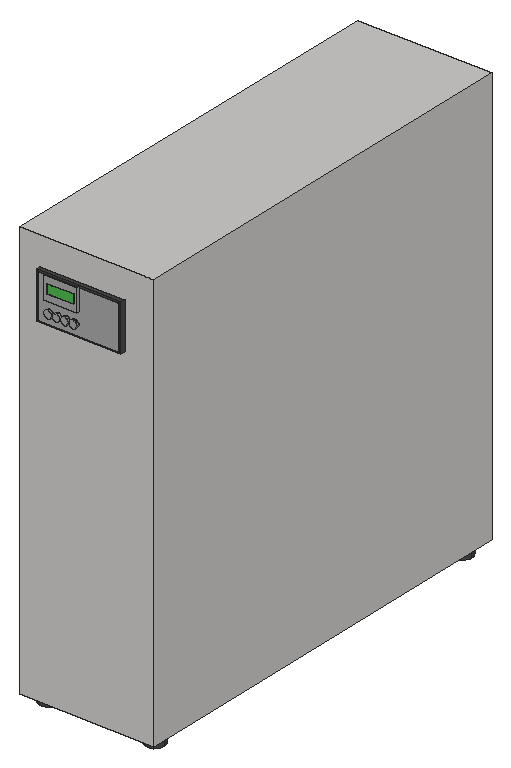
Revit family "QF_ELECTROLUXPROFESSIONAL_864388_REVOSFATM", category Attrezzature speciali, Revit 2020
Family settings
  Quota connettore circolare = Usa diametro
  Tipo di parte = Normale
  Basato su piano di lavoro = No
  Sempre verticale = Sì
  Taglio con vuoti quando caricato = No
  Condiviso = No
  Punto di calcolo locali = No
Parameters (values of type "Standard")
  Weight = 0.00 kg
  Watts = 0 W
  Volts = 0 V
  URL Manufacturer = ""
  URL = "http://professional.electrolux.com/"
  Steam Supply Size = 0 mm
  Steam Supply Minimum Pressure = 0.0 Pa
  Steam Supply Maximum Pressure = 0.0 Pa
  Steam Consumption per Hour = 0
  Show Clearance [instance] = yes
  Refrigeration Suction Line Size = 0 mm
  Refrigeration Liquid Line Size = 0 mm
  Refrigerant Compressor Remote = yes
  Prospetto di default = 0 mm
  Manufacturer = "Zanussi"
  Phase = 0
  Model = "NLDE"
  Length Actual = 143 mm  # constant formula
  Item Number = ""
  Hot Water Size = 0 mm
  Height Actual = 455 mm  # constant formula
  HP = ""
  Gas Size = 0 mm
  Gas KW = 0
  Gas Input Pressure = 0 W
  Direct Waste Size = 0 mm
  Description = "LARGE DRYER WITH DOOR RT-ELEC."
  Depth Actual = 483 mm  # constant formula
  Cycle = 0 Hz
  Condensate Return Size = 0 mm
  Compressed Air Volume = 0.0 L/s
  Compressed Air Size = 0 mm
  Compressed Air Pressure = 0.0 Pa
  Cold Water Size = 0 mm
  Accessory = yes
Reference planes
  plane 1 "Center X": y = -14.242
  plane 2: z = 0
  plane 3 "Center Y": x = 128.437
  plane 4 "LEFT": x = 56.937
  plane 5 "RIGHT": x = 199.937
  plane 6 "BACK": y = 210.758
  plane 7 "FRONT": y = -239.242
  plane 8 "TOP": z = 456
  plane 9: z = 10
  plane 10: x = 71.937
  plane 11: x = 184.937
  plane 12: y = 190.758
  plane 13: y = -219.242
  plane 14: z = 425.907
Forms (mm)
  Extrusion 1, solid, material "QF_Finishes_Stainless Steel"
    sketch origin (48.5, 900.258, 377.242) x (1, 0, 0) y (0, 0, 1)
      loop
        circle (128.437, -14.242) r 8
    from 679.5 to 689.5
  Extrusion 2, solid, material "QF_Finishes_Stainless Steel"
    sketch origin (0, 0, 0) x (1, 0, 0) y (0, 1, 0)
      loop
        line (56.937, 210.758) -> (56.937, -239.242) -> (199.937, -239.242) -> (199.937, 210.758) -> (56.937, 210.758)
    from 10 to 456
  Extrusion 3, solid, material "QF_Finishes_Stainless Steel"
    sketch origin (-4, 900.258, 404.742) x (1, 0, 0) y (0, 0, 1)
      loop
        circle (128.437, -14.242) r 7
    from 679.5 to 689.5
  Extrusion 4, solid, material "QF_Finishes_Stainless Steel"
    sketch origin (43.5, 900.258, 437.242) x (1, 0, 0) y (0, 0, 1)
      loop
        circle (128.437, -14.242) r 7
    from 679.5 to 689.5
  Extrusion 5, solid, material "QF_Finishes_Stainless Steel"
    sketch origin (0, 210.758, -28) x (-1, 0, 0) y (0, 0, 1)
      loop
        line (-96.937, 481) -> (-96.937, 441) -> (-56.937, 441) -> (-56.937, 481) -> (-96.937, 481)
    from 0 to 4
Dimensions and locks
  plane 4 "LEFT" to plane 5 "RIGHT" = 143 mm
  equal spacing: plane 6 "BACK", plane 1 "Center X", plane 7 "FRONT"
  plane 6 "BACK" to plane 7 "FRONT" = 450 mm
  equal spacing: plane 4 "LEFT", plane 3 "Center Y", plane 5 "RIGHT"
  plane 2 to plane 8 "TOP" = 456 mm
  plane 9 to plane 2 = 10 mm
  locked: plane 8 "TOP" to plane 14 at 30.093
  aligned and locked: level to plane 2
  aligned and locked: Extrusion 2 sketch curve to plane 6 "BACK"
  aligned and locked: plane 4 "LEFT" to Extrusion 2 sketch curve
  aligned and locked: plane 7 "FRONT" to Extrusion 2 sketch curve
  aligned and locked: Extrusion 2 sketch curve to plane 5 "RIGHT"
  aligned and locked: Extrusion 2 to plane 8 "TOP"
  aligned and locked: Extrusion 2 to plane 9
  aligned and locked: nested 5 to plane 14
  aligned and locked: plane 3 "Center Y" to nested 5
Automatic sketch dimensions
  plane 11 to Extrusion 1 sketch curve = 8 mm
  Extrusion 1 sketch curve to plane 14 = 62.907 mm
  plane 10 to Extrusion 3 sketch curve = 52.5 mm
  Extrusion 3 sketch curve to plane 14 = 35.407 mm
  Extrusion 4 sketch curve to plane 14 = 2.907 mm
  plane 11 to Extrusion 4 sketch curve = 13 mm
  plane 10 to Extrusion 5 sketch curve = 25 mm
  Extrusion 5 sketch curve to plane 4 "LEFT" = 0 mm
  plane 8 "TOP" to Extrusion 5 sketch curve = 3 mm
  Extrusion 5 sketch curve to plane 14 = 12.907 mm
  radius of Extrusion 1 sketch curve = 8 mm
  radius of Extrusion 3 sketch curve = 7 mm
  radius of Extrusion 4 sketch curve = 7 mm
Nested families
  nested 1: "Piedino_BASSO_PARAM_BLACK - DISHWASHING" at (71.937, 190.758, 0), type "Piedino_BASSO_PARAM_BLACK - DISHWASHING"
    with MAT_PIEDE QF_Finishes_Black, Raggio_Piede 10 mm, H 10 mm
  nested 2: "Piedino_BASSO_PARAM_BLACK - DISHWASHING" at (71.937, -219.242, 0), type "Piedino_BASSO_PARAM_BLACK - DISHWASHING"
    with MAT_PIEDE QF_Finishes_Black, Raggio_Piede 10 mm, H 10 mm
  nested 3: "Piedino_BASSO_PARAM_BLACK - DISHWASHING" at (184.937, 190.758, 0) x (-1, 0, 0) z (0, 0, 1), type "Piedino_BASSO_PARAM_BLACK - DISHWASHING"
    with MAT_PIEDE QF_Finishes_Black, Raggio_Piede 10 mm, H 10 mm
  nested 4: "Piedino_BASSO_PARAM_BLACK - DISHWASHING" at (184.937, -219.242, 0) x (-1, 0, 0) z (0, 0, 1), type "Piedino_BASSO_PARAM_BLACK - DISHWASHING"
    with MAT_PIEDE QF_Finishes_Black, Raggio_Piede 10 mm, H 10 mm
  nested 5: "Schermo_Osmosi" at (123.372, -239.242, 400.907) x (1, 0, 0) z (0, -1, 0), type "Schermo_Osmosi"
Connectors
  piping at (176.937, 220.758, 363), diameter 15.9
    settings: on Extrusion 1, index 1, connector inside diameter 609.6 mm, connector length 0 mm, flow factor 0, pipe flow 0.0 L/s, pressure drop 0.0 Pa, fitting loss kfactor 0, connector angle 0.00°, fixture units 0, engagement length 0 mm, angle of deflection 0.00°, flow configuration 0, flow direction 0, fitting loss method 0, system type 29, joint type 0, gender type 0, connector reference index -1, connector utility 0, adjustable connector no, is connector primary yes, connector description "DRAIN"
  piping at (124.437, 220.758, 390.5), diameter 12.9
    settings: on Extrusion 3, index 2, connector inside diameter 609.6 mm, connector length 0 mm, flow factor 0, pipe flow 0.0 L/s, pressure drop 0.0 Pa, fitting loss kfactor 0, connector angle 0.00°, fixture units 0, engagement length 0 mm, angle of deflection 0.00°, flow configuration 0, flow direction 0, fitting loss method 0, system type 29, joint type 0, gender type 0, connector reference index -1, connector utility 0, adjustable connector no, is connector primary no, connector description "Cold Water Out"
  piping at (171.937, 220.758, 423), driven by "Cold Water Size"
    settings: on Extrusion 4, index 3, connector diameter 0 mm, connector inside diameter 609.6 mm, connector length 0 mm, flow factor 0, pipe flow 0.0 L/s, pressure drop 0.0 Pa, fitting loss kfactor 0, connector angle 0.00°, fixture units 0, engagement length 0 mm, angle of deflection 0.00°, flow configuration 0, flow direction 0, fitting loss method 0, system type 29, joint type 0, gender type 0, connector reference index -1, connector utility 0, adjustable connector no, is connector primary no, connector description "Cold Water Inlet"
  electrical at (76.937, 214.758, 433), driven by "Volts"
    settings: on Extrusion 5, index 4, voltage 0 V, apparent load 0 VA, apparent load phase1 0 VA, apparent load phase2 0 VA, apparent load phase3 0 VA, power factor 1, load classification "Altro", number of poles 1, system type 31, power factor state 1, is connector primary yes, connector utility no, sub classification motor no, connector description "Electrical Connection"
Definition of nested family "Piedino_BASSO_PARAM_BLACK - DISHWASHING"
  Parameters (values of type "Piedino_BASSO_PARAM_BLACK - DISHWASHING")
    Default Elevation = 0 mm
    Raggio_Piede = 20 mm
    MAT_PIEDE [instance] = none
    H = 20 mm
  Reference planes
    plane 1: y = 0
    plane 2: z = 0
    plane 3: x = 0
    plane 4: z = 20
  Forms (mm)
    Extrusion 1, solid, material <- "MAT_PIEDE"
      sketch origin (-373.847, 979.72, 0) x (1, 0, 0) y (0, 1, 0)
        loop
          circle (373.847, -979.72) r 20
      from 0 to 20
  Dimensions and locks
    "H": plane 2 to plane 4
    "Raggio_Piede": radius of Extrusion 1 sketch curve
    aligned and locked: level to plane 2
    aligned and locked: Extrusion 1 to plane 4
    aligned and locked: Extrusion 1 to plane 2
  Automatic sketch dimensions
    plane 1 to Extrusion 1 sketch curve = 0 mm
    Extrusion 1 sketch curve to plane 3 = 0 mm
Definition of nested family "Schermo_Osmosi"
  Parameters (values of type "Schermo_Osmosi")
    W = 89.869 mm
    Default Elevation = 1219.2 mm
    H = 5 mm
    D = 50 mm
  Reference planes
    plane 1 "Centro (Fronte/Retro)": y = 0
    plane 2: z = 0
    plane 3 "Centro (Sinistra/Destra)": x = 0
    plane 4: x = -44.935
    plane 5: x = 44.935
    plane 6: y = 25
    plane 7: y = -25
    plane 8: x = -34.935
    plane 9: x = 5.065
    plane 10: z = 5
    plane 11: z = 7
  Forms (mm)
    Extrusion 1, solid
      sketch origin (0, 0, 0) x (1, 0, 0) y (0, 1, 0)
        loop
          line (-1219.2, 1219.2) -> (-1219.2, -1219.2) -> (1219.2, -1219.2) -> (1219.2, 1219.2) -> (-1219.2, 1219.2)
      from 0 to -304.8
    Extrusion 2, solid
      sketch origin (-406.364, -222.016, 5) x (0, 1, 0) y (-1, 0, 0)
        loop
          line (247.016, -361.43) -> (197.016, -361.43) -> (197.016, -451.299) -> (247.016, -451.299) -> (247.016, -361.43)
        loop
          line (245.516, -362.93) -> (198.166, -362.93) -> (198.166, -449.799) -> (245.516, -449.799) -> (245.516, -362.93)
      from 0 to -5
    Extrusion 3, solid
      sketch origin (-406.364, -222.016, 5) x (0, 1, 0) y (-1, 0, 0)
        loop
          line (245.516, -362.93) -> (198.166, -362.93) -> (198.166, -449.799) -> (245.516, -449.799) -> (245.516, -362.93)
      from 0 to -5
    Extrusion 4, solid
      sketch origin (0, 0, 0) x (1, 0, 0) y (0, 1, 0)
        loop
          line (-34.935, 23.5) -> (-34.935, 0) -> (0, 0) -> (0, 23.5) -> (-34.935, 23.5)
        loop
          line (-31.935, 16.5) -> (-31.935, 7) -> (-3, 7) -> (-3, 16.5) -> (-31.935, 16.5)
      from 5 to 7
    Extrusion 5, solid
      sketch origin (0, 0, 0) x (1, 0, 0) y (0, 1, 0)
        loop
          circle (-30.935, -12.745) r 4
        loop
          circle (-21.935, -12.745) r 4
        loop
          circle (-13, -12.745) r 4
        loop
          circle (-4, -12.745) r 4
      from 5 to 7
    Extrusion 6, solid
      sketch origin (0, 0, 0) x (1, 0, 0) y (0, 1, 0)
        loop
          line (-31.935, 16.5) -> (-31.935, 7) -> (-3, 7) -> (-3, 16.5) -> (-31.935, 16.5)
      from 5 to 7
  Dimensions and locks
    equal spacing: plane 7, plane 1 "Centro (Fronte/Retro)", plane 6
    equal spacing: plane 4, plane 3 "Centro (Sinistra/Destra)", plane 5
    "W": plane 4 to plane 5
    "D": plane 7 to plane 6
    Extrusion 3 to plane 6 = 1.5 mm
    locked: Extrusion 2 sketch curve to Extrusion 2 sketch curve at 1.5  (x3)
    locked: Extrusion 2 sketch curve to Extrusion 2 sketch curve at 1.15
    plane 4 to plane 8 to plane 9 = 10 mm, 40 mm
    "H": plane 10 to plane 2
    locked: plane 11 to plane 10 at 2
    aligned and locked: plane 2 to Extrusion 1
    aligned and locked: level to Extrusion 1
    aligned and locked: Extrusion 2 sketch curve to plane 7
    aligned and locked: Extrusion 2 sketch curve to plane 5
    aligned and locked: Extrusion 3 to Extrusion 2  (x4)
    aligned and locked: Extrusion 2 to Extrusion 4 sketch curve
    aligned and locked: plane 8 to Extrusion 4 sketch curve
    aligned and locked: Extrusion 4 sketch curve to plane 1 "Centro (Fronte/Retro)"
    aligned and locked: Extrusion 4 sketch curve to plane 3 "Centro (Sinistra/Destra)"
    aligned and locked: Extrusion 6 sketch curve to Extrusion 4  (x4)
    aligned and locked: Extrusion 5 to plane 10
    aligned and locked: Extrusion 4 to plane 10
    aligned and locked: Extrusion 6 to plane 10
    aligned and locked: Extrusion 5 to plane 11
    aligned and locked: Extrusion 4 to plane 11
    aligned and locked: Extrusion 6 to plane 11
  Automatic sketch dimensions
    Extrusion 1 sketch curve to Extrusion 1 sketch curve = 2438.4 mm  (x2)
    plane 1 "Centro (Fronte/Retro)" to Extrusion 3 sketch curve = 23.85 mm
    Extrusion 3 sketch curve to plane 1 "Centro (Fronte/Retro)" = 23.5 mm
    Extrusion 3 sketch curve to plane 5 = 1.5 mm
    plane 4 to Extrusion 3 sketch curve = 1.5 mm
    plane 6 to Extrusion 2 sketch curve = 0 mm
    Extrusion 2 sketch curve to plane 4 = 0 mm
    plane 8 to Extrusion 4 sketch curve = 3 mm
    Extrusion 4 sketch curve to plane 3 "Centro (Sinistra/Destra)" = 3 mm
    Extrusion 4 sketch curve to plane 1 "Centro (Fronte/Retro)" = 7 mm
    plane 6 to Extrusion 4 sketch curve = 8.5 mm
    plane 1 "Centro (Fronte/Retro)" to Extrusion 5 sketch curve = 12.745 mm
    Extrusion 5 sketch curve to Extrusion 5 sketch curve = 0 mm  (x3)
    Extrusion 5 sketch curve to plane 3 "Centro (Sinistra/Destra)" = 4 mm
    Extrusion 5 sketch curve to Extrusion 5 sketch curve = 8.935 mm
    Extrusion 5 sketch curve to Extrusion 5 sketch curve = 9 mm
    plane 8 to Extrusion 5 sketch curve = 4 mm
    radius of Extrusion 5 sketch curve = 4 mm  (x4)
